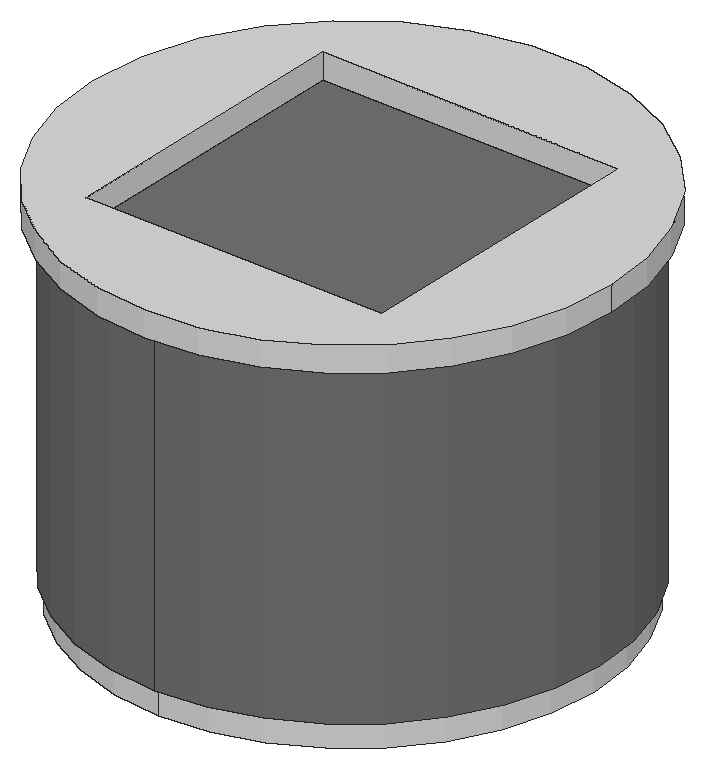
Revit family "Roxtec R UG frames", category Duct Accessories, host Face, Revit 2017
Family settings
  Host = Face
  Round Connector Dimension = Use Diameter
  Part Type = Attaches To
  Cut with Voids When Loaded = No
  Shared = No
Parameters (values of type "R 100 UG")
  Weight (kg) = 0.8
  WarrantyGuarantorParts = ""
  WarrantyGuarantorLabor = ""
  WarrantyDurationUnit = ""
  WarrantyDurationParts = ""
  WarrantyDurationLabor = ""
  WarrantyDescription = ""
  Version = "2.0"  # constant formula
  Uniclass2015Version = ""
  Uniclass2015Title = ""
  Uniclass2015Code = ""
  URL = "https://www.roxtec.com/en/products/solutions/roxtec-r-ug-transit/"
  UNSPSC Code = ""
  Sähkönumero = "1753184"
  SustainabilityPerformance = ""
  Size = ""
  Shape = ""
  Roxtec RTD [instance] = ""
  Roxtec Product Title [instance] = if(and(Wall opening diameter = 100 mm), "R 100 UG", if(and(Wall opening diameter = 150 mm), "R 150 UG", "R 200 UG"))  # "R 100 UG"
  Roxtec Product ID [instance] = if(and(Wall opening diameter = 100 mm), "156872", if(and(Wall opening diameter = 150 mm), "108693", "108698"))  # "156872"
  Sealing material = Roxylon black
  Frame material = Roxylon black
  Revision = ""
  ReplacementCost = ""
  ProductInformation = ""
  ProdLib_ID = ""
  NominalLength [instance] = 0 mm
  NominalHeight = 0 mm
  NominalDepth = 0 mm
  Name = ""
  NBSReference = ""
  NBSDescription = ""
  ModelReference = ""
  ModelNumber = ""
  ManufacturerURL = ""
  Manufacturer = "Roxtec"  # constant formula
  IfcExportType = ""
  IfcExportAs = ""
  IfcClassification = ""
  IFC Classification = ""
  Grade = ""
  Fitting material = Steel
  Finish = ""
  Features = ""
  ExpectedLife = ""
  ETIM Classification = "EC000220"  # constant formula
  DurationUnit = ""
  Description = "Sealing solutions for cables and pipes"
  Default Elevation = 0 mm
  Constituents = ""
  Color = ""
  Wall opening diameter = 100 mm
  Sealing height = 65 mm  # constant formula
  Fitting thickness = 5 mm  # constant formula
  Packing space = 60 mm
  Front fitting diameter = Wall opening diameter + 5 mm  # 105 mm
  CodePerformance = ""
  Category = ""
  COBie Type Category = ""
  BIMObjectName = ""
  Author = "ProdLib Oy"  # constant formula
  AssetType = ""
  AccessibilityPerformance = ""
Types (4, lengths in mm): name | Weight (kg) | Sähkönumero | Roxtec Product Title | Roxtec Product ID | Wall opening diameter | Packing space | Front fitting diameter
  (no name) | 0.8 | "1753184" | "R 100 UG" | "156872" | 100 | 60 | 105
  R 200 UG | 3.1 | "1753186" | "R 200 UG" | "108698" | 200 | 120 | 205
  R 150 UG | 1.9 | "1753185" | "R 150 UG" | "108693" | 150 | 90 | 155
  R 100 UG | 0.8 | "1753184" | "R 100 UG" | "156872" | 100 | 60 | 105
Reference planes
  plane 1 "Center (Front/Back)": y = 0
  plane 2: z = 0
  plane 3 "Center (Left/Right)": x = 0
  plane 4: z = -500
  plane 5: x = -30
  plane 6: x = 30
  plane 7: x = -52.5
  plane 8: x = 52.5
  plane 9: z = 5
  plane 10: y = 50
  plane 11: y = -50
  plane 12: z = -65
  plane 13: z = -70
  plane 14: y = -30
  plane 15: y = 30
Forms (mm)
  Extrusion 1, void
    sketch origin (0, 0, 0) x (1, 0, 0) y (0, 1, 0)
      loop
        line (-30, 30) -> (-30, -30) -> (30, -30) -> (30, 30) -> (-30, 30)
    from -500 to 5
  Extrusion 2, solid, material "Steel" <- "Fitting material"
    sketch origin (0, 0, 0) x (1, 0, 0) y (0, 1, 0)
      loop
        circle (0, 0) r 52.5
    from 0 to 5
  Extrusion 3, void
    sketch origin (0, 0, 0) x (1, 0, 0) y (0, 1, 0)
      loop
        circle (0, 0) r 50
    from -500 to 0
  Extrusion 4, solid, material "Roxylon black" <- "Frame material"
    sketch origin (0, 0, 0) x (1, 0, 0) y (0, 1, 0)
      loop
        circle (0, 0) r 50
    from -65 to 0
  Extrusion 5, solid, material "Steel" <- "Fitting material"
    sketch origin (0, 0, 0) x (1, 0, 0) y (0, 1, 0)
      loop
        circle (0, 0) r 49
    from -70 to -65
  Extrusion 6, solid, material "Roxylon black" <- "Sealing material"
    sketch origin (0, 0, 0) x (1, 0, 0) y (0, 1, 0)
      loop
        line (-30, 30) -> (-30, -30) -> (30, -30) -> (30, 30) -> (-30, 30)
    from -65 to 0
Cuts and joins
  Extrusion 1, Extrusion 3 cuts Extrusion 2
  Extrusion 1 cuts Extrusion 4
  Extrusion 1 cuts Extrusion 5
Dimensions and locks
  locked: level to plane 4 at 500
  equal spacing: plane 5, plane 3 "Center (Left/Right)", plane 6
  "Packing space": plane 5 to plane 6
  equal spacing: plane 7, plane 3 "Center (Left/Right)", plane 8
  "Front fitting diameter": plane 7 to plane 8
  "Fitting thickness": plane 9 to level
  equal spacing: plane 10, plane 1 "Center (Front/Back)", plane 11
  "Wall opening diameter": plane 10 to plane 11
  "Sealing height": plane 2 to plane 12
  "Fitting thickness": plane 12 to plane 13
  equal spacing: plane 14, plane 1 "Center (Front/Back)", plane 15
  "Packing space": plane 15 to plane 14
  aligned and locked: plane 2 to host face
  aligned and locked: level to host face
  aligned and locked: Extrusion 1 sketch curve to plane 5
  aligned and locked: plane 6 to Extrusion 1 sketch curve
  aligned and locked: Extrusion 1 to plane 4
  aligned and locked: plane 1 "Center (Front/Back)" to Extrusion 2 sketch curve  (x2)
  aligned and locked: plane 7 to Extrusion 2 sketch curve
  aligned and locked: plane 8 to Extrusion 2 sketch curve
  aligned and locked: plane 9 to Extrusion 2
  aligned and locked: Extrusion 2 to level
  aligned and locked: Extrusion 2 to Extrusion 1
  aligned and locked: plane 3 "Center (Left/Right)" to Extrusion 3 sketch curve  (x2)
  aligned and locked: plane 10 to Extrusion 3 sketch curve
  aligned and locked: plane 11 to Extrusion 3 sketch curve
  aligned and locked: Extrusion 3 to plane 4
  aligned and locked: level to Extrusion 3
  aligned and locked: plane 3 "Center (Left/Right)" to Extrusion 4 sketch curve  (x2)
  aligned and locked: plane 10 to Extrusion 4 sketch curve
  aligned and locked: plane 11 to Extrusion 4 sketch curve
  aligned and locked: Extrusion 4 to plane 12
  aligned and locked: level to Extrusion 4
  aligned and locked: plane 3 "Center (Left/Right)" to Extrusion 5 sketch curve  (x2)
  aligned and locked: Extrusion 5 to plane 13
  aligned and locked: plane 12 to Extrusion 5
  aligned and locked: Extrusion 1 to cut or joined group of Extrusion 1, Extrusion 2, Extrusion 3
  aligned and locked: Extrusion 1 to plane 14
  aligned and locked: Extrusion 6 sketch curve to cut or joined group of Extrusion 1, Extrusion 2, Extrusion 3  (x4)
  aligned and locked: Extrusion 6 to plane 12
  aligned and locked: level to Extrusion 6
  aligned and locked: plane 15 to Extrusion 1
Automatic sketch dimensions
  host sketch curve to host sketch curve = 2438.4 mm  (x2)
  Extrusion 1 sketch curve to plane 10 = 20 mm
  plane 11 to Extrusion 1 sketch curve = 20 mm
  Extrusion 5 sketch curve to Extrusion 5 sketch curve = 0 mm
  plane 1 "Center (Front/Back)" to Extrusion 5 sketch curve = 0 mm
  plane 11 to Extrusion 5 sketch curve = 1 mm
